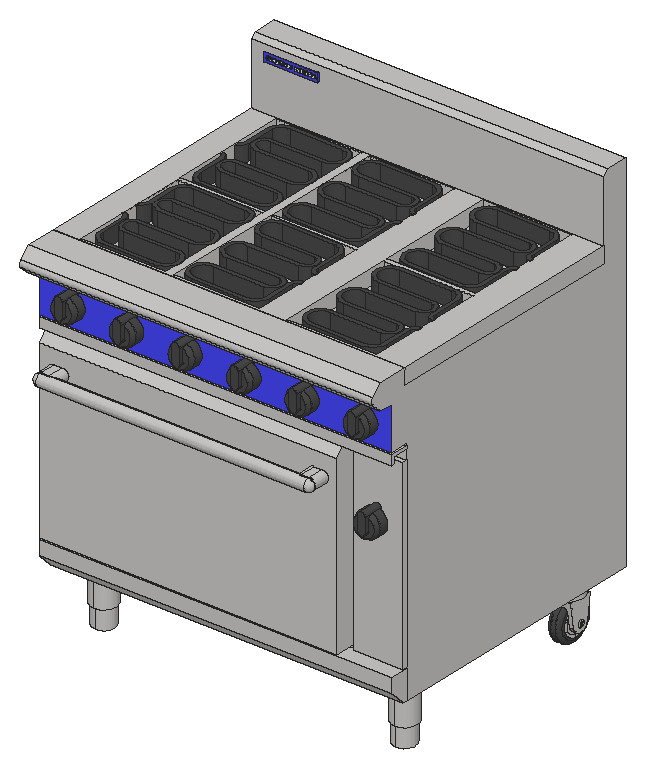
Revit family "QF_MOFFAT_BLUESEAL_CE_E56D", category Specialty Equipment, Revit 2012 (continued)
Definition of nested family "ELECTRIC BURNER 900"
  Forms (mm)
    Extrusion 2, solid, material "QF_Finishes_Black"
      sketch origin (0, 15.7, 0) x (0, -1, 0) y (1, 0, 0)
        loop
          line (569.55, 114.862) -> (569.55, 246.212)
          arc (569.55, 246.212) -> (597.25, 273.912) -> (624.95, 246.212) r 27.7
          line (624.95, 246.212) -> (624.95, 113.612)
          arc (624.95, 113.612) -> (617.855, 94.459) -> (599.304, 85.912) r 26.722
          line (599.304, 85.912) -> (528.096, 85.912)
          arc (528.096, 85.912) -> (511.987, 79.848) -> (503.282, 65) r 25.79
          line (503.282, 65) -> (513.588, 65)
          arc (513.588, 65) -> (519.162, 72.781) -> (528.207, 75.912) r 15.79
          line (528.207, 75.912) -> (599.486, 75.912)
          arc (599.486, 75.912) -> (625.051, 87.513) -> (634.95, 113.784) r 36.722
          line (634.95, 113.784) -> (634.95, 246.212)
          arc (634.95, 246.212) -> (597.25, 283.912) -> (559.55, 246.212) r 37.7
          line (559.55, 246.212) -> (559.55, 113.612)
          arc (559.55, 113.612) -> (541.85, 95.912) -> (524.15, 113.612) r 17.7
          line (524.15, 113.612) -> (524.15, 246.212)
          arc (524.15, 246.212) -> (486.45, 283.912) -> (448.75, 246.212) r 37.7
          line (448.75, 246.212) -> (448.75, 113.612)
          arc (448.75, 113.612) -> (431.05, 95.912) -> (413.35, 113.612) r 17.7
          line (413.35, 113.612) -> (413.35, 246.212)
          arc (413.35, 246.212) -> (375.65, 283.912) -> (337.95, 246.212) r 37.7
          line (337.95, 246.212) -> (337.95, 113.784)
          arc (337.95, 113.784) -> (347.849, 87.513) -> (373.414, 75.912) r 36.722
          line (373.414, 75.912) -> (444.681, 75.912)
          arc (444.681, 75.912) -> (453.49, 72.964) -> (459.168, 65.612) r 15.973
          line (459.168, 65.612) -> (469.581, 65.612)
        loop
          line (156.993, 523.112) -> (146.6, 523.112)
          arc (146.6, 523.112) -> (140.976, 515.752) -> (132.193, 512.812) r 15.79
          line (132.193, 512.812) -> (60.914, 512.812)
          arc (60.914, 512.812) -> (35.349, 501.211) -> (25.45, 474.94) r 36.722
          line (25.45, 474.94) -> (25.45, 342.512)
          arc (25.45, 342.512) -> (63.15, 304.812) -> (100.85, 342.512) r 37.7
          line (100.85, 342.512) -> (100.85, 475.112)
          arc (100.85, 475.112) -> (118.55, 492.812) -> (136.25, 475.112) r 17.7
          line (136.25, 475.112) -> (136.25, 342.512)
          arc (136.25, 342.512) -> (173.95, 304.812) -> (211.65, 342.512) r 37.7
          line (211.65, 342.512) -> (211.65, 475.112)
          arc (211.65, 475.112) -> (229.35, 492.812) -> (247.05, 475.112) r 17.7
          line (247.05, 475.112) -> (247.05, 342.512)
          arc (247.05, 342.512) -> (284.75, 304.812) -> (322.45, 342.512) r 37.7
          line (322.45, 342.512) -> (322.45, 474.94)
          arc (322.45, 474.94) -> (312.551, 501.211) -> (286.986, 512.812) r 36.722
          line (286.986, 512.812) -> (215.719, 512.812)
          arc (215.719, 512.812) -> (206.91, 515.761) -> (201.232, 523.112) r 15.973
          line (201.232, 523.112) -> (190.819, 523.112)
          arc (190.819, 523.112) -> (199.705, 508.688) -> (215.596, 502.812) r 25.973
          line (215.596, 502.812) -> (286.804, 502.812)
          arc (286.804, 502.812) -> (305.355, 494.266) -> (312.45, 475.112) r 26.722
          line (312.45, 475.112) -> (312.45, 342.512)
          arc (312.45, 342.512) -> (284.75, 314.812) -> (257.05, 342.512) r 27.7
          line (257.05, 342.512) -> (257.05, 474.487)
          arc (257.05, 474.487) -> (229.35, 502.187) -> (201.65, 474.487) r 27.7
          line (201.65, 474.487) -> (201.65, 342.512)
          arc (201.65, 342.512) -> (173.95, 314.812) -> (146.25, 342.512) r 27.7
          line (146.25, 342.512) -> (146.25, 474.956)
          arc (146.25, 474.956) -> (118.55, 502.656) -> (90.85, 474.956) r 27.7
          line (90.85, 474.956) -> (90.85, 342.512)
          arc (90.85, 342.512) -> (63.15, 314.812) -> (35.45, 342.512) r 27.7
          line (35.45, 342.512) -> (35.45, 475.112)
          arc (35.45, 475.112) -> (42.545, 494.266) -> (61.096, 502.812) r 26.722
          line (61.096, 502.812) -> (132.304, 502.812)
          arc (132.304, 502.812) -> (148.172, 508.677) -> (156.993, 523.112) r 25.79
        loop
          line (469.581, 523.112) -> (459.168, 523.112)
          arc (459.168, 523.112) -> (453.49, 515.761) -> (444.681, 512.812) r 15.973
          line (444.681, 512.812) -> (373.414, 512.812)
          arc (373.414, 512.812) -> (347.849, 501.211) -> (337.95, 474.94) r 36.722
          line (337.95, 474.94) -> (337.95, 342.512)
          arc (337.95, 342.512) -> (375.65, 304.812) -> (413.35, 342.512) r 37.7
          line (413.35, 342.512) -> (413.35, 475.112)
          arc (413.35, 475.112) -> (431.05, 492.812) -> (448.75, 475.112) r 17.7
          line (448.75, 475.112) -> (448.75, 342.512)
          arc (448.75, 342.512) -> (486.45, 304.812) -> (524.15, 342.512) r 37.7
          line (524.15, 342.512) -> (524.15, 475.112)
          arc (524.15, 475.112) -> (541.85, 492.812) -> (559.55, 475.112) r 17.7
          line (559.55, 475.112) -> (559.55, 342.512)
          arc (559.55, 342.512) -> (597.25, 304.812) -> (634.95, 342.512) r 37.7
          line (634.95, 342.512) -> (634.95, 474.94)
          arc (634.95, 474.94) -> (625.051, 501.211) -> (599.486, 512.812) r 36.722
          line (599.486, 512.812) -> (528.207, 512.812)
          arc (528.207, 512.812) -> (519.162, 515.944) -> (513.588, 523.725) r 15.79
          line (513.588, 523.725) -> (503.282, 523.725)
          arc (503.282, 523.725) -> (511.987, 508.876) -> (528.096, 502.812) r 25.79
          line (528.096, 502.812) -> (599.304, 502.812)
          arc (599.304, 502.812) -> (617.855, 494.266) -> (624.95, 475.112) r 26.722
          line (624.95, 475.112) -> (624.95, 342.512)
          arc (624.95, 342.512) -> (597.25, 314.812) -> (569.55, 342.512) r 27.7
          line (569.55, 342.512) -> (569.55, 473.862)
          arc (569.55, 473.862) -> (541.85, 501.562) -> (514.15, 473.862) r 27.7
          line (514.15, 473.862) -> (514.15, 342.512)
          arc (514.15, 342.512) -> (486.45, 314.812) -> (458.75, 342.512) r 27.7
          line (458.75, 342.512) -> (458.75, 473.862)
          arc (458.75, 473.862) -> (431.05, 501.562) -> (403.35, 473.862) r 27.7
          line (403.35, 473.862) -> (403.35, 342.512)
          arc (403.35, 342.512) -> (375.65, 314.812) -> (347.95, 342.512) r 27.7
          line (347.95, 342.512) -> (347.95, 475.112)
          arc (347.95, 475.112) -> (355.045, 494.266) -> (373.596, 502.812) r 26.722
          line (373.596, 502.812) -> (444.804, 502.812)
          arc (444.804, 502.812) -> (460.695, 508.688) -> (469.581, 523.112) r 25.973
        loop
          line (156.993, 823.112) -> (146.6, 823.112)
          arc (146.6, 823.112) -> (140.976, 815.752) -> (132.193, 812.812) r 15.79
          line (132.193, 812.812) -> (60.914, 812.812)
          arc (60.914, 812.812) -> (35.349, 801.211) -> (25.45, 774.94) r 36.722
          line (25.45, 774.94) -> (25.45, 642.512)
          arc (25.45, 642.512) -> (63.15, 604.812) -> (100.85, 642.512) r 37.7
          line (100.85, 642.512) -> (100.85, 775.112)
          arc (100.85, 775.112) -> (118.55, 792.812) -> (136.25, 775.112) r 17.7
          line (136.25, 775.112) -> (136.25, 642.512)
          arc (136.25, 642.512) -> (173.95, 604.812) -> (211.65, 642.512) r 37.7
          line (211.65, 642.512) -> (211.65, 775.112)
          arc (211.65, 775.112) -> (229.35, 792.812) -> (247.05, 775.112) r 17.7
          line (247.05, 775.112) -> (247.05, 642.512)
          arc (247.05, 642.512) -> (284.75, 604.812) -> (322.45, 642.512) r 37.7
          line (322.45, 642.512) -> (322.45, 774.94)
          arc (322.45, 774.94) -> (312.551, 801.211) -> (286.986, 812.812) r 36.722
          line (286.986, 812.812) -> (215.719, 812.812)
          arc (215.719, 812.812) -> (206.91, 815.761) -> (201.232, 823.112) r 15.973
          line (201.232, 823.112) -> (190.819, 823.112)
          arc (190.819, 823.112) -> (199.705, 808.688) -> (215.596, 802.812) r 25.973
          line (215.596, 802.812) -> (286.804, 802.812)
          arc (286.804, 802.812) -> (305.355, 794.266) -> (312.45, 775.112) r 26.722
          line (312.45, 775.112) -> (312.45, 642.512)
          arc (312.45, 642.512) -> (284.75, 614.812) -> (257.05, 642.512) r 27.7
          line (257.05, 642.512) -> (257.05, 774.487)
          arc (257.05, 774.487) -> (229.35, 802.187) -> (201.65, 774.487) r 27.7
          line (201.65, 774.487) -> (201.65, 642.512)
          arc (201.65, 642.512) -> (173.95, 614.812) -> (146.25, 642.512) r 27.7
          line (146.25, 642.512) -> (146.25, 774.956)
          arc (146.25, 774.956) -> (118.55, 802.656) -> (90.85, 774.956) r 27.7
          line (90.85, 774.956) -> (90.85, 642.512)
          arc (90.85, 642.512) -> (63.15, 614.812) -> (35.45, 642.512) r 27.7
          line (35.45, 642.512) -> (35.45, 775.112)
          arc (35.45, 775.112) -> (42.545, 794.266) -> (61.096, 802.812) r 26.722
          line (61.096, 802.812) -> (132.304, 802.812)
          arc (132.304, 802.812) -> (148.172, 808.677) -> (156.993, 823.112) r 25.79
        loop
          line (469.581, 823.112) -> (459.168, 823.112)
          arc (459.168, 823.112) -> (453.49, 815.761) -> (444.681, 812.812) r 15.973
          line (444.681, 812.812) -> (373.414, 812.812)
          arc (373.414, 812.812) -> (347.849, 801.211) -> (337.95, 774.94) r 36.722
          line (337.95, 774.94) -> (337.95, 642.512)
          arc (337.95, 642.512) -> (375.65, 604.812) -> (413.35, 642.512) r 37.7
          line (413.35, 642.512) -> (413.35, 775.112)
          arc (413.35, 775.112) -> (431.05, 792.812) -> (448.75, 775.112) r 17.7
          line (448.75, 775.112) -> (448.75, 642.512)
          arc (448.75, 642.512) -> (486.45, 604.812) -> (524.15, 642.512) r 37.7
          line (524.15, 642.512) -> (524.15, 775.112)
          arc (524.15, 775.112) -> (541.85, 792.812) -> (559.55, 775.112) r 17.7
          line (559.55, 775.112) -> (559.55, 642.512)
          arc (559.55, 642.512) -> (597.25, 604.812) -> (634.95, 642.512) r 37.7
          line (634.95, 642.512) -> (634.95, 774.94)
          arc (634.95, 774.94) -> (625.051, 801.211) -> (599.486, 812.812) r 36.722
          line (599.486, 812.812) -> (528.207, 812.812)
          arc (528.207, 812.812) -> (519.162, 815.944) -> (513.588, 823.725) r 15.79
          line (513.588, 823.725) -> (503.282, 823.725)
          arc (503.282, 823.725) -> (511.987, 808.876) -> (528.096, 802.812) r 25.79
          line (528.096, 802.812) -> (599.304, 802.812)
          arc (599.304, 802.812) -> (617.855, 794.266) -> (624.95, 775.112) r 26.722
          line (624.95, 775.112) -> (624.95, 642.512)
          arc (624.95, 642.512) -> (597.25, 614.812) -> (569.55, 642.512) r 27.7
          line (569.55, 642.512) -> (569.55, 773.862)
          arc (569.55, 773.862) -> (541.85, 801.562) -> (514.15, 773.862) r 27.7
          line (514.15, 773.862) -> (514.15, 642.512)
          arc (514.15, 642.512) -> (486.45, 614.812) -> (458.75, 642.512) r 27.7
          line (458.75, 642.512) -> (458.75, 773.862)
          arc (458.75, 773.862) -> (431.05, 801.562) -> (403.35, 773.862) r 27.7
          line (403.35, 773.862) -> (403.35, 642.512)
          arc (403.35, 642.512) -> (375.65, 614.812) -> (347.95, 642.512) r 27.7
          line (347.95, 642.512) -> (347.95, 775.112)
          arc (347.95, 775.112) -> (355.045, 794.266) -> (373.596, 802.812) r 26.722
          line (373.596, 802.812) -> (444.804, 802.812)
          arc (444.804, 802.812) -> (460.695, 808.688) -> (469.581, 823.112) r 25.973
      from 0 to 40
  Lines and regions (mm)
    symbolic lines
      curve 1: line (246.212, -75.15, 0) -> (113.769, -75.15, 0)
      curve 2: arc (113.769, -75.15, 0) -> (86.069, -102.85, 0) -> (113.769, -130.55, 0) r 27.7
      curve 3: line (113.769, -130.55, 0) -> (246.212, -130.55, 0)
      curve 4: arc (246.212, -130.55, 0) -> (273.912, -158.25, 0) -> (246.212, -185.95, 0) r 27.7
      curve 5: line (246.212, -185.95, 0) -> (114.237, -185.95, 0)
      curve 6: arc (114.237, -185.95, 0) -> (86.537, -213.65, 0) -> (114.237, -241.35, 0) r 27.7
      curve 7: line (114.237, -241.35, 0) -> (246.212, -241.35, 0)
      curve 8: arc (246.212, -241.35, 0) -> (273.912, -269.05, 0) -> (246.212, -296.75, 0) r 27.7
      curve 9: line (246.212, -296.75, 0) -> (113.612, -296.75, 0)
      curve 10: arc (113.612, -296.75, 0) -> (94.459, -289.655, 0) -> (85.912, -271.104, 0) r 26.722
      curve 11: line (85.912, -271.104, 0) -> (85.912, -199.896, 0)
      curve 12: arc (85.912, -199.896, 0) -> (80.037, -184.005, 0) -> (65.612, -175.119, 0) r 25.973
      curve 13: line (65.612, -175.119, 0) -> (65.612, -185.532, 0)
      curve 14: arc (65.612, -185.532, 0) -> (72.964, -191.21, 0) -> (75.912, -200.019, 0) r 15.973
      curve 15: line (75.912, -200.019, 0) -> (75.912, -271.286, 0)
      curve 16: arc (75.912, -271.286, 0) -> (87.513, -296.851, 0) -> (113.784, -306.75, 0) r 36.722
      curve 17: line (113.784, -306.75, 0) -> (246.212, -306.75, 0)
      curve 18: arc (246.212, -306.75, 0) -> (283.912, -269.05, 0) -> (246.212, -231.35, 0) r 37.7
      curve 19: line (246.212, -231.35, 0) -> (113.612, -231.35, 0)
      curve 20: arc (113.612, -231.35, 0) -> (95.912, -213.65, 0) -> (113.612, -195.95, 0) r 17.7
      curve 21: line (113.612, -195.95, 0) -> (246.212, -195.95, 0)
      curve 22: arc (246.212, -195.95, 0) -> (283.912, -158.25, 0) -> (246.212, -120.55, 0) r 37.7
      curve 23: line (246.212, -120.55, 0) -> (113.612, -120.55, 0)
      curve 24: arc (113.612, -120.55, 0) -> (95.912, -102.85, 0) -> (113.612, -85.15, 0) r 17.7
      curve 25: line (113.612, -85.15, 0) -> (246.212, -85.15, 0)
      curve 26: arc (246.212, -85.15, 0) -> (283.912, -47.45, 0) -> (246.212, -9.75, 0) r 37.7
      curve 27: line (246.212, -9.75, 0) -> (113.784, -9.75, 0)
      curve 28: arc (113.784, -9.75, 0) -> (87.513, -19.649, 0) -> (75.912, -45.214, 0) r 36.722
      curve 29: line (75.912, -45.214, 0) -> (75.912, -116.493, 0)
      curve 30: arc (75.912, -116.493, 0) -> (72.972, -125.276, 0) -> (65.612, -130.9, 0) r 15.79
      curve 31: line (65.612, -130.9, 0) -> (65.612, -141.293, 0)
      curve 32: arc (65.612, -141.293, 0) -> (80.048, -132.472, 0) -> (85.912, -116.604, 0) r 25.79
      curve 33: line (85.912, -116.604, 0) -> (85.912, -45.396, 0)
      curve 34: arc (85.912, -45.396, 0) -> (94.459, -26.845, 0) -> (113.612, -19.75, 0) r 26.722
      curve 35: line (113.612, -19.75, 0) -> (246.212, -19.75, 0)
      curve 36: arc (246.212, -19.75, 0) -> (273.912, -47.45, 0) -> (246.212, -75.15, 0) r 27.7
      curve 37: line (474.956, -75.15, 0) -> (342.512, -75.15, 0)
      curve 38: arc (342.512, -75.15, 0) -> (314.812, -47.45, 0) -> (342.512, -19.75, 0) r 27.7
      curve 39: line (342.512, -19.75, 0) -> (475.112, -19.75, 0)
      curve 40: arc (475.112, -19.75, 0) -> (494.266, -26.845, 0) -> (502.812, -45.396, 0) r 26.722
      curve 41: line (502.812, -45.396, 0) -> (502.812, -116.604, 0)
      curve 42: arc (502.812, -116.604, 0) -> (508.677, -132.472, 0) -> (523.112, -141.293, 0) r 25.79
      curve 43: line (523.112, -141.293, 0) -> (523.112, -130.9, 0)
      curve 44: arc (523.112, -130.9, 0) -> (515.752, -125.276, 0) -> (512.812, -116.493, 0) r 15.79
      curve 45: line (512.812, -116.493, 0) -> (512.812, -45.214, 0)
      curve 46: arc (512.812, -45.214, 0) -> (501.211, -19.649, 0) -> (474.94, -9.75, 0) r 36.722
      curve 47: line (474.94, -9.75, 0) -> (342.512, -9.75, 0)
      curve 48: arc (342.512, -9.75, 0) -> (304.812, -47.45, 0) -> (342.512, -85.15, 0) r 37.7
      curve 49: line (342.512, -85.15, 0) -> (475.112, -85.15, 0)
      curve 50: arc (475.112, -85.15, 0) -> (492.812, -102.85, 0) -> (475.112, -120.55, 0) r 17.7
      curve 51: line (475.112, -120.55, 0) -> (342.512, -120.55, 0)
      curve 52: arc (342.512, -120.55, 0) -> (304.812, -158.25, 0) -> (342.512, -195.95, 0) r 37.7
      curve 53: line (342.512, -195.95, 0) -> (475.112, -195.95, 0)
      curve 54: arc (475.112, -195.95, 0) -> (492.812, -213.65, 0) -> (475.112, -231.35, 0) r 17.7
      curve 55: line (475.112, -231.35, 0) -> (342.512, -231.35, 0)
      curve 56: arc (342.512, -231.35, 0) -> (304.812, -269.05, 0) -> (342.512, -306.75, 0) r 37.7
      curve 57: line (342.512, -306.75, 0) -> (474.94, -306.75, 0)
      curve 58: arc (474.94, -306.75, 0) -> (501.211, -296.851, 0) -> (512.812, -271.286, 0) r 36.722
      curve 59: line (512.812, -271.286, 0) -> (512.812, -200.019, 0)
      curve 60: arc (512.812, -200.019, 0) -> (515.761, -191.21, 0) -> (523.112, -185.532, 0) r 15.973
      curve 61: line (523.112, -185.532, 0) -> (523.112, -175.119, 0)
      curve 62: arc (523.112, -175.119, 0) -> (508.688, -184.005, 0) -> (502.812, -199.896, 0) r 25.973
      curve 63: line (502.812, -199.896, 0) -> (502.812, -271.104, 0)
      curve 64: arc (502.812, -271.104, 0) -> (494.266, -289.655, 0) -> (475.112, -296.75, 0) r 26.722
      curve 65: line (475.112, -296.75, 0) -> (342.512, -296.75, 0)
      curve 66: arc (342.512, -296.75, 0) -> (314.812, -269.05, 0) -> (342.512, -241.35, 0) r 27.7
      curve 67: line (342.512, -241.35, 0) -> (474.487, -241.35, 0)
      curve 68: arc (474.487, -241.35, 0) -> (502.187, -213.65, 0) -> (474.487, -185.95, 0) r 27.7
      curve 69: line (474.487, -185.95, 0) -> (342.512, -185.95, 0)
      curve 70: arc (342.512, -185.95, 0) -> (314.812, -158.25, 0) -> (342.512, -130.55, 0) r 27.7
      curve 71: line (342.512, -130.55, 0) -> (474.956, -130.55, 0)
      curve 72: arc (474.956, -130.55, 0) -> (502.656, -102.85, 0) -> (474.956, -75.15, 0) r 27.7
      curve 73: line (774.956, -75.15, 0) -> (642.512, -75.15, 0)
      curve 74: arc (642.512, -75.15, 0) -> (614.812, -47.45, 0) -> (642.512, -19.75, 0) r 27.7
      curve 75: line (642.512, -19.75, 0) -> (775.112, -19.75, 0)
      curve 76: arc (775.112, -19.75, 0) -> (794.266, -26.845, 0) -> (802.812, -45.396, 0) r 26.722
      curve 77: line (802.812, -45.396, 0) -> (802.812, -116.604, 0)
      curve 78: arc (802.812, -116.604, 0) -> (808.677, -132.472, 0) -> (823.112, -141.293, 0) r 25.79
      curve 79: line (823.112, -141.293, 0) -> (823.112, -130.9, 0)
      curve 80: arc (823.112, -130.9, 0) -> (815.752, -125.276, 0) -> (812.812, -116.493, 0) r 15.79
      curve 81: line (812.812, -116.493, 0) -> (812.812, -45.214, 0)
      curve 82: arc (812.812, -45.214, 0) -> (801.211, -19.649, 0) -> (774.94, -9.75, 0) r 36.722
      curve 83: line (774.94, -9.75, 0) -> (642.512, -9.75, 0)
      curve 84: arc (642.512, -9.75, 0) -> (604.812, -47.45, 0) -> (642.512, -85.15, 0) r 37.7
      curve 85: line (642.512, -85.15, 0) -> (775.112, -85.15, 0)
      curve 86: arc (775.112, -85.15, 0) -> (792.812, -102.85, 0) -> (775.112, -120.55, 0) r 17.7
      curve 87: line (775.112, -120.55, 0) -> (642.512, -120.55, 0)
      curve 88: arc (642.512, -120.55, 0) -> (604.812, -158.25, 0) -> (642.512, -195.95, 0) r 37.7
      curve 89: line (642.512, -195.95, 0) -> (775.112, -195.95, 0)
      curve 90: arc (775.112, -195.95, 0) -> (792.812, -213.65, 0) -> (775.112, -231.35, 0) r 17.7
      curve 91: line (775.112, -231.35, 0) -> (642.512, -231.35, 0)
      curve 92: arc (642.512, -231.35, 0) -> (604.812, -269.05, 0) -> (642.512, -306.75, 0) r 37.7
      curve 93: line (642.512, -306.75, 0) -> (774.94, -306.75, 0)
      curve 94: arc (774.94, -306.75, 0) -> (801.211, -296.851, 0) -> (812.812, -271.286, 0) r 36.722
      curve 95: line (812.812, -271.286, 0) -> (812.812, -200.019, 0)
      curve 96: arc (812.812, -200.019, 0) -> (815.761, -191.21, 0) -> (823.112, -185.532, 0) r 15.973
      curve 97: line (823.112, -185.532, 0) -> (823.112, -175.119, 0)
      curve 98: arc (823.112, -175.119, 0) -> (808.688, -184.005, 0) -> (802.812, -199.896, 0) r 25.973
      curve 99: line (802.812, -199.896, 0) -> (802.812, -271.104, 0)
      curve 100: arc (802.812, -271.104, 0) -> (794.266, -289.655, 0) -> (775.112, -296.75, 0) r 26.722
      curve 101: line (775.112, -296.75, 0) -> (642.512, -296.75, 0)
      curve 102: arc (642.512, -296.75, 0) -> (614.812, -269.05, 0) -> (642.512, -241.35, 0) r 27.7
      curve 103: line (642.512, -241.35, 0) -> (774.487, -241.35, 0)
      curve 104: arc (774.487, -241.35, 0) -> (802.187, -213.65, 0) -> (774.487, -185.95, 0) r 27.7
      curve 105: line (774.487, -185.95, 0) -> (642.512, -185.95, 0)
      curve 106: arc (642.512, -185.95, 0) -> (614.812, -158.25, 0) -> (642.512, -130.55, 0) r 27.7
      curve 107: line (642.512, -130.55, 0) -> (774.956, -130.55, 0)
      curve 108: arc (774.956, -130.55, 0) -> (802.656, -102.85, 0) -> (774.956, -75.15, 0) r 27.7
      curve 109: line (642.512, -397.65, 0) -> (775.112, -397.65, 0)
      curve 110: arc (775.112, -397.65, 0) -> (792.812, -415.35, 0) -> (775.112, -433.05, 0) r 17.7
      curve 111: line (775.112, -433.05, 0) -> (642.512, -433.05, 0)
      curve 112: arc (642.512, -433.05, 0) -> (604.812, -470.75, 0) -> (642.512, -508.45, 0) r 37.7
      curve 113: line (642.512, -508.45, 0) -> (775.112, -508.45, 0)
      curve 114: arc (775.112, -508.45, 0) -> (792.812, -526.15, 0) -> (775.112, -543.85, 0) r 17.7
      curve 115: line (775.112, -543.85, 0) -> (642.512, -543.85, 0)
      curve 116: arc (642.512, -543.85, 0) -> (604.812, -581.55, 0) -> (642.512, -619.25, 0) r 37.7
      curve 117: line (642.512, -619.25, 0) -> (774.94, -619.25, 0)
      curve 118: arc (774.94, -619.25, 0) -> (801.211, -609.351, 0) -> (812.812, -583.786, 0) r 36.722
      curve 119: line (812.812, -583.786, 0) -> (812.812, -512.507, 0)
      curve 120: arc (812.812, -512.507, 0) -> (815.944, -503.462, 0) -> (823.725, -497.888, 0) r 15.79
      curve 121: line (823.725, -497.888, 0) -> (823.725, -487.582, 0)
      curve 122: arc (823.725, -487.582, 0) -> (808.876, -496.287, 0) -> (802.812, -512.396, 0) r 25.79
      curve 123: line (802.812, -512.396, 0) -> (802.812, -583.604, 0)
      curve 124: arc (802.812, -583.604, 0) -> (794.266, -602.155, 0) -> (775.112, -609.25, 0) r 26.722
      curve 125: line (775.112, -609.25, 0) -> (642.512, -609.25, 0)
      curve 126: arc (642.512, -609.25, 0) -> (614.812, -581.55, 0) -> (642.512, -553.85, 0) r 27.7
      curve 127: line (642.512, -553.85, 0) -> (773.862, -553.85, 0)
      curve 128: arc (773.862, -553.85, 0) -> (801.562, -526.15, 0) -> (773.862, -498.45, 0) r 27.7
      curve 129: line (773.862, -498.45, 0) -> (642.512, -498.45, 0)
      curve 130: arc (642.512, -498.45, 0) -> (614.812, -470.75, 0) -> (642.512, -443.05, 0) r 27.7
      curve 131: line (642.512, -443.05, 0) -> (773.862, -443.05, 0)
      curve 132: arc (773.862, -443.05, 0) -> (801.562, -415.35, 0) -> (773.862, -387.65, 0) r 27.7
      curve 133: line (773.862, -387.65, 0) -> (642.512, -387.65, 0)
      curve 134: arc (642.512, -387.65, 0) -> (614.812, -359.95, 0) -> (642.512, -332.25, 0) r 27.7
      curve 135: line (642.512, -332.25, 0) -> (775.112, -332.25, 0)
      curve 136: arc (775.112, -332.25, 0) -> (794.266, -339.345, 0) -> (802.812, -357.896, 0) r 26.722
      curve 137: line (802.812, -357.896, 0) -> (802.812, -429.104, 0)
      curve 138: arc (802.812, -429.104, 0) -> (808.688, -444.995, 0) -> (823.112, -453.881, 0) r 25.973
      curve 139: line (823.112, -453.881, 0) -> (823.112, -443.468, 0)
      curve 140: arc (823.112, -443.468, 0) -> (815.761, -437.79, 0) -> (812.812, -428.981, 0) r 15.973
      curve 141: line (812.812, -428.981, 0) -> (812.812, -357.714, 0)
      curve 142: arc (812.812, -357.714, 0) -> (801.211, -332.149, 0) -> (774.94, -322.25, 0) r 36.722
      curve 143: line (774.94, -322.25, 0) -> (642.512, -322.25, 0)
      curve 144: arc (642.512, -322.25, 0) -> (604.812, -359.95, 0) -> (642.512, -397.65, 0) r 37.7
      curve 145: line (342.512, -397.65, 0) -> (475.112, -397.65, 0)
      curve 146: arc (475.112, -397.65, 0) -> (492.812, -415.35, 0) -> (475.112, -433.05, 0) r 17.7
      curve 147: line (475.112, -433.05, 0) -> (342.512, -433.05, 0)
      curve 148: arc (342.512, -433.05, 0) -> (304.812, -470.75, 0) -> (342.512, -508.45, 0) r 37.7
      curve 149: line (342.512, -508.45, 0) -> (475.112, -508.45, 0)
      curve 150: arc (475.112, -508.45, 0) -> (492.812, -526.15, 0) -> (475.112, -543.85, 0) r 17.7
      curve 151: line (475.112, -543.85, 0) -> (342.512, -543.85, 0)
      curve 152: arc (342.512, -543.85, 0) -> (304.812, -581.55, 0) -> (342.512, -619.25, 0) r 37.7
      curve 153: line (342.512, -619.25, 0) -> (474.94, -619.25, 0)
      curve 154: arc (474.94, -619.25, 0) -> (501.211, -609.351, 0) -> (512.812, -583.786, 0) r 36.722
      curve 155: line (512.812, -583.786, 0) -> (512.812, -512.507, 0)
      curve 156: arc (512.812, -512.507, 0) -> (515.944, -503.462, 0) -> (523.725, -497.888, 0) r 15.79
      curve 157: line (523.725, -497.888, 0) -> (523.725, -487.582, 0)
      curve 158: arc (523.725, -487.582, 0) -> (508.876, -496.287, 0) -> (502.812, -512.396, 0) r 25.79
      curve 159: line (502.812, -512.396, 0) -> (502.812, -583.604, 0)
      curve 160: arc (502.812, -583.604, 0) -> (494.266, -602.155, 0) -> (475.112, -609.25, 0) r 26.722
      curve 161: line (475.112, -609.25, 0) -> (342.512, -609.25, 0)
      curve 162: arc (342.512, -609.25, 0) -> (314.812, -581.55, 0) -> (342.512, -553.85, 0) r 27.7
      curve 163: line (342.512, -553.85, 0) -> (473.862, -553.85, 0)
      curve 164: arc (473.862, -553.85, 0) -> (501.562, -526.15, 0) -> (473.862, -498.45, 0) r 27.7
      curve 165: line (473.862, -498.45, 0) -> (342.512, -498.45, 0)
      curve 166: arc (342.512, -498.45, 0) -> (314.812, -470.75, 0) -> (342.512, -443.05, 0) r 27.7
      curve 167: line (342.512, -443.05, 0) -> (473.862, -443.05, 0)
      curve 168: arc (473.862, -443.05, 0) -> (501.562, -415.35, 0) -> (473.862, -387.65, 0) r 27.7
      curve 169: line (473.862, -387.65, 0) -> (342.512, -387.65, 0)
      curve 170: arc (342.512, -387.65, 0) -> (314.812, -359.95, 0) -> (342.512, -332.25, 0) r 27.7
      curve 171: line (342.512, -332.25, 0) -> (475.112, -332.25, 0)
      curve 172: arc (475.112, -332.25, 0) -> (494.266, -339.345, 0) -> (502.812, -357.896, 0) r 26.722
      curve 173: line (502.812, -357.896, 0) -> (502.812, -429.104, 0)
      curve 174: arc (502.812, -429.104, 0) -> (508.688, -444.995, 0) -> (523.112, -453.881, 0) r 25.973
      curve 175: line (523.112, -453.881, 0) -> (523.112, -443.468, 0)
      curve 176: arc (523.112, -443.468, 0) -> (515.761, -437.79, 0) -> (512.812, -428.981, 0) r 15.973
      curve 177: line (512.812, -428.981, 0) -> (512.812, -357.714, 0)
      curve 178: arc (512.812, -357.714, 0) -> (501.211, -332.149, 0) -> (474.94, -322.25, 0) r 36.722
      curve 179: line (474.94, -322.25, 0) -> (342.512, -322.25, 0)
      curve 180: arc (342.512, -322.25, 0) -> (304.812, -359.95, 0) -> (342.512, -397.65, 0) r 37.7
      curve 181: line (246.212, -387.65, 0) -> (114.862, -387.65, 0)
      curve 182: arc (114.862, -387.65, 0) -> (87.162, -415.35, 0) -> (114.862, -443.05, 0) r 27.7
      curve 183: line (114.862, -443.05, 0) -> (246.212, -443.05, 0)
      curve 184: arc (246.212, -443.05, 0) -> (273.912, -470.75, 0) -> (246.212, -498.45, 0) r 27.7
      curve 185: line (246.212, -498.45, 0) -> (114.862, -498.45, 0)
      curve 186: arc (114.862, -498.45, 0) -> (87.162, -526.15, 0) -> (114.862, -553.85, 0) r 27.7
      curve 187: line (114.862, -553.85, 0) -> (246.212, -553.85, 0)
      curve 188: arc (246.212, -553.85, 0) -> (273.912, -581.55, 0) -> (246.212, -609.25, 0) r 27.7
      curve 189: line (246.212, -609.25, 0) -> (113.612, -609.25, 0)
      curve 190: arc (113.612, -609.25, 0) -> (94.459, -602.155, 0) -> (85.912, -583.604, 0) r 26.722
      curve 191: line (85.912, -583.604, 0) -> (85.912, -512.396, 0)
      curve 192: arc (85.912, -512.396, 0) -> (79.848, -496.287, 0) -> (65, -487.582, 0) r 25.79
      curve 193: line (65, -487.582, 0) -> (65, -497.888, 0)
      curve 194: arc (65, -497.888, 0) -> (72.781, -503.462, 0) -> (75.912, -512.507, 0) r 15.79
      curve 195: line (75.912, -512.507, 0) -> (75.912, -583.786, 0)
      curve 196: arc (75.912, -583.786, 0) -> (87.513, -609.351, 0) -> (113.784, -619.25, 0) r 36.722
      curve 197: line (113.784, -619.25, 0) -> (246.212, -619.25, 0)
      curve 198: arc (246.212, -619.25, 0) -> (283.912, -581.55, 0) -> (246.212, -543.85, 0) r 37.7
      curve 199: line (246.212, -543.85, 0) -> (113.612, -543.85, 0)
      curve 200: arc (113.612, -543.85, 0) -> (95.912, -526.15, 0) -> (113.612, -508.45, 0) r 17.7
      curve 201: line (113.612, -508.45, 0) -> (246.212, -508.45, 0)
      curve 202: arc (246.212, -508.45, 0) -> (283.912, -470.75, 0) -> (246.212, -433.05, 0) r 37.7
      curve 203: line (246.212, -433.05, 0) -> (113.612, -433.05, 0)
      curve 204: arc (113.612, -433.05, 0) -> (95.912, -415.35, 0) -> (113.612, -397.65, 0) r 17.7
      curve 205: line (113.612, -397.65, 0) -> (246.212, -397.65, 0)
      curve 206: arc (246.212, -397.65, 0) -> (283.912, -359.95, 0) -> (246.212, -322.25, 0) r 37.7
      curve 207: line (246.212, -322.25, 0) -> (113.784, -322.25, 0)
      curve 208: arc (113.784, -322.25, 0) -> (87.513, -332.149, 0) -> (75.912, -357.714, 0) r 36.722
      curve 209: line (75.912, -357.714, 0) -> (75.912, -428.981, 0)
      curve 210: arc (75.912, -428.981, 0) -> (72.964, -437.79, 0) -> (65.612, -443.468, 0) r 15.973
      curve 211: line (65.612, -443.468, 0) -> (65.612, -453.881, 0)
      curve 212: arc (65.612, -453.881, 0) -> (80.037, -444.995, 0) -> (85.912, -429.104, 0) r 25.973
      curve 213: line (85.912, -429.104, 0) -> (85.912, -357.896, 0)
      curve 214: arc (85.912, -357.896, 0) -> (94.459, -339.345, 0) -> (113.612, -332.25, 0) r 26.722
      curve 215: line (113.612, -332.25, 0) -> (246.212, -332.25, 0)
      curve 216: arc (246.212, -332.25, 0) -> (273.912, -359.95, 0) -> (246.212, -387.65, 0) r 27.7
      curve 217: line (0, 0, 0) -> (0, -635, 0)
      curve 218: line (0, -635, 0) -> (900, -635, 0)
      curve 219: line (900, -635, 0) -> (900, 0, 0)
      curve 220: line (900, 0, 0) -> (0, 0, 0)
      curve 221: line (65.8, -312.651, 0) -> (65.8, -5, 0)
      curve 222: line (65.8, -5, 0) -> (284.362, -5, 0)
      curve 223: line (284.362, -5, 0) -> (284.362, -312.651, 0)
      curve 224: line (284.362, -312.651, 0) -> (65.8, -312.651, 0)
      curve 225: line (304.362, -312.651, 0) -> (304.362, -5, 0)
      curve 226: line (304.362, -5, 0) -> (523.112, -5, 0)
      curve 227: line (523.112, -5, 0) -> (523.112, -312.651, 0)
      curve 228: line (523.112, -312.651, 0) -> (304.362, -312.651, 0)
      curve 229: line (594.362, -312.651, 0) -> (594.362, -5, 0)
      curve 230: line (594.362, -5, 0) -> (823.112, -5, 0)
      curve 231: line (823.112, -5, 0) -> (823.112, -312.651, 0)
      curve 232: line (823.112, -312.651, 0) -> (594.362, -312.651, 0)
      curve 233: line (823.112, -320.251, 0) -> (823.112, -630, 0)
      curve 234: line (823.112, -630, 0) -> (594.362, -630, 0)
      curve 235: line (594.362, -630, 0) -> (594.362, -320.251, 0)
      curve 236: line (594.362, -320.251, 0) -> (823.112, -320.251, 0)
      curve 237: line (523.112, -320.251, 0) -> (523.112, -630, 0)
      curve 238: line (523.112, -630, 0) -> (304.362, -630, 0)
      curve 239: line (304.362, -630, 0) -> (304.362, -320.251, 0)
      curve 240: line (304.362, -320.251, 0) -> (523.112, -320.251, 0)
      curve 241: line (284.362, -320.251, 0) -> (284.362, -630, 0)
      curve 242: line (284.362, -630, 0) -> (65.8, -630, 0)
      curve 243: line (65.8, -630, 0) -> (65.8, -320.251, 0)
      curve 244: line (65.8, -320.251, 0) -> (284.362, -320.251, 0)
  Dimensions and locks
    equal spacing: plane 3 "LEFT", plane 7 "Center Y", plane 4 "RIGHT"
    "Width": plane 3 "LEFT" to plane 4 "RIGHT"
    equal spacing: plane 5 "FRONT", plane 8 "Center X", plane 1 "BACK"
    "Depth": plane 5 "FRONT" to plane 1 "BACK"
    aligned and locked: level to plane 2
  Automatic sketch dimensions
    plane 1 "BACK" to Extrusion 1 sketch curve = 0 mm
    Extrusion 1 sketch curve to plane 9 = 0 mm  (x2)
    Extrusion 1 sketch curve to plane 3 "LEFT" = 0 mm
    plane 5 "FRONT" to Extrusion 1 sketch curve = 0 mm
    Extrusion 1 sketch curve to plane 4 "RIGHT" = 0 mm
    plane 1 "BACK" to Extrusion 1 sketch curve = 5 mm  (x3)
    plane 8 "Center X" to Extrusion 1 sketch curve = 4.849 mm  (x3)
    Extrusion 1 sketch curve to plane 8 "Center X" = 2.751 mm  (x3)
    Extrusion 1 sketch curve to plane 5 "FRONT" = 5 mm  (x3)
    Extrusion 1 sketch curve to plane 7 "Center Y" = 165.638 mm
    Extrusion 1 sketch curve to Extrusion 1 sketch curve = 0 mm  (x3)
    Extrusion 1 sketch curve to Extrusion 1 sketch curve = 20 mm
    plane 7 "Center Y" to Extrusion 1 sketch curve = 73.112 mm  (x2)
    Extrusion 1 sketch curve to Extrusion 1 sketch curve = 71.25 mm  (x2)
    plane 4 "RIGHT" to Extrusion 1 sketch curve = 76.888 mm
    Extrusion 2 sketch curve to Extrusion 2 sketch curve = 0 mm  (x110)
    plane 1 "BACK" to Extrusion 2 sketch curve = 9.75 mm  (x3)
    Extrusion 2 sketch curve to Extrusion 2 sketch curve = 10 mm  (x6)
    plane 1 "BACK" to Extrusion 2 sketch curve = 45.214 mm  (x3)
    Extrusion 2 sketch curve to Extrusion 2 sketch curve = 0.182 mm  (x12)
    Extrusion 2 sketch curve to Extrusion 2 sketch curve = 26.704 mm  (x11)
    Extrusion 2 sketch curve to Extrusion 2 sketch curve = 27.7 mm  (x20)
    Extrusion 2 sketch curve to Extrusion 2 sketch curve = 17.7 mm  (x12)
    Extrusion 2 sketch curve to Extrusion 2 sketch curve = 4.457 mm  (x3)
    Extrusion 2 sketch curve to Extrusion 2 sketch curve = 0.4 mm  (x5)
    Extrusion 2 sketch curve to Extrusion 2 sketch curve = 0.111 mm  (x6)
    Extrusion 2 sketch curve to Extrusion 2 sketch curve = 14.806 mm  (x3)
    Extrusion 2 sketch curve to Extrusion 2 sketch curve = 10.393 mm  (x3)
    Extrusion 2 sketch curve to Extrusion 2 sketch curve = 33.826 mm  (x3)
    Extrusion 2 sketch curve to Extrusion 2 sketch curve = 10.413 mm  (x6)
    Extrusion 2 sketch curve to Extrusion 2 sketch curve = 14.364 mm  (x3)
    Extrusion 2 sketch curve to Extrusion 2 sketch curve = 0.123 mm  (x6)
    Extrusion 2 sketch curve to Extrusion 2 sketch curve = 14.934 mm  (x4)
    Extrusion 2 sketch curve to Extrusion 2 sketch curve = 0.447 mm  (x5)
    Extrusion 2 sketch curve to Extrusion 2 sketch curve = 1.058 mm  (x7)
    Extrusion 2 sketch curve to plane 8 "Center X" = 4.75 mm  (x3)
    Extrusion 2 sketch curve to plane 8 "Center X" = 40.214 mm  (x3)
    Extrusion 2 sketch curve to Extrusion 2 sketch curve = 4.516 mm  (x3)
    Extrusion 2 sketch curve to Extrusion 2 sketch curve = 33.7 mm  (x3)
    Extrusion 2 sketch curve to Extrusion 2 sketch curve = 10.306 mm  (x3)
    Extrusion 2 sketch curve to Extrusion 2 sketch curve = 14.508 mm  (x3)
    Extrusion 2 sketch curve to Extrusion 2 sketch curve = 15.019 mm
    plane 3 "LEFT" to Extrusion 2 sketch curve = 59.946 mm  (x2)
    plane 3 "LEFT" to Extrusion 2 sketch curve = 60.128 mm  (x2)
    Extrusion 2 sketch curve to Extrusion 2 sketch curve = 4.872 mm
    Extrusion 2 sketch curve to Extrusion 2 sketch curve = 5.484 mm
    Extrusion 2 sketch curve to Extrusion 2 sketch curve = 5.667 mm  (x2)
    Extrusion 2 sketch curve to Extrusion 2 sketch curve = 26.701 mm  (x4)
    Extrusion 2 sketch curve to Extrusion 2 sketch curve = 0.999 mm  (x6)
    Extrusion 2 sketch curve to Extrusion 2 sketch curve = 0.156 mm  (x3)
    Extrusion 2 sketch curve to Extrusion 2 sketch curve = 0.625 mm  (x3)
    Extrusion 2 sketch curve to Extrusion 2 sketch curve = 1.25 mm  (x6)
    Extrusion 2 sketch curve to Extrusion 2 sketch curve = 132.428 mm
    Extrusion 2 sketch curve to Extrusion 2 sketch curve = 132.6 mm
    Extrusion 2 sketch curve to Extrusion 2 sketch curve = 96.3 mm  (x3)
    plane 7 "Center Y" to Extrusion 2 sketch curve = 23.862 mm  (x2)
    plane 7 "Center Y" to Extrusion 2 sketch curve = 24.487 mm
    plane 7 "Center Y" to Extrusion 2 sketch curve = 24.94 mm  (x3)
    plane 7 "Center Y" to Extrusion 2 sketch curve = 24.956 mm
    Extrusion 2 sketch curve to Extrusion 2 sketch curve = 0.172 mm  (x8)
    plane 7 "Center Y" to Extrusion 2 sketch curve = 26.111 mm  (x4)
    Extrusion 2 sketch curve to Extrusion 2 sketch curve = 129.7 mm  (x2)
    plane 4 "RIGHT" to Extrusion 2 sketch curve = 126.138 mm
    plane 4 "RIGHT" to Extrusion 2 sketch curve = 125.513 mm
    Extrusion 2 sketch curve to Extrusion 2 sketch curve = 0.453 mm
    plane 4 "RIGHT" to Extrusion 2 sketch curve = 125.06 mm
    Extrusion 2 sketch curve to Extrusion 2 sketch curve = 1.078 mm
    Extrusion 2 sketch curve to Extrusion 2 sketch curve = 0.016 mm
    curve 4 to curve 22 = 0 mm  (x2)
    curve 8 to curve 18 = 0 mm  (x2)
    curve 10 to curve 16 = 0 mm  (x2)
    curve 12 to curve 14 = 0 mm  (x2)
    curve 26 to curve 36 = 0 mm  (x2)
    curve 28 to curve 34 = 0 mm  (x2)
    curve 30 to curve 32 = 0 mm  (x2)
    plane 3 "LEFT" to curve 14 = 59.946 mm
    plane 3 "LEFT" to curve 32 = 60.128 mm
    curve 12 to curve 14 = 5.667 mm
    curve 30 to curve 32 = 5.484 mm
    curve 30 to curve 30 = 15.784 mm
    plane 8 "Center X" to curve 16 = 46.214 mm
    curve 12 to curve 16 = 15.967 mm
    curve 14 to curve 11 = 10 mm
    curve 29 to curve 32 = 10 mm
    curve 33 to curve 34 = 26.701 mm
    curve 11 to curve 10 = 26.701 mm
    curve 10 to curve 9 = 0.999 mm
    curve 33 to curve 24 = 27.7 mm
    curve 28 to curve 35 = 0.999 mm
    curve 12 to curve 21 = 27.7 mm
    curve 25 to curve 1 = 0.156 mm
    curve 35 to curve 27 = 0.172 mm
    curve 10 to curve 16 = 0.172 mm
    curve 20 to curve 7 = 0.625 mm
    curve 10 to curve 8 = 133.599 mm
    curve 25 to curve 25 = 132.6 mm
    curve 23 to curve 25 = 0 mm
    plane 8 "Center X" to curve 8 = 20.75 mm
    curve 16 to curve 10 = 10 mm
    curve 8 to curve 18 = 27.7 mm
    curve 19 to curve 6 = 17.7 mm
    curve 20 to curve 6 = 0 mm
    curve 12 to curve 20 = 4.516 mm
    curve 12 to curve 14 = 0.447 mm
    curve 14 to curve 12 = 0.123 mm
    curve 4 to curve 4 = 27.7 mm
    curve 12 to curve 32 = 33.826 mm
    curve 32 to curve 31 = 10.393 mm
    curve 30 to curve 33 = 14.296 mm
    curve 23 to curve 2 = 17.7 mm
    curve 24 to curve 2 = 0 mm
    curve 1 to curve 26 = 27.7 mm
    curve 34 to curve 34 = 26.704 mm
    curve 38 to curve 48 = 0 mm  (x2)
    curve 40 to curve 46 = 0 mm  (x2)
    curve 42 to curve 44 = 0 mm  (x2)
    curve 52 to curve 70 = 0 mm  (x2)
    curve 56 to curve 66 = 0 mm  (x2)
    curve 58 to curve 64 = 0 mm  (x2)
    curve 60 to curve 62 = 0 mm  (x2)
    plane 8 "Center X" to curve 66 = 20.75 mm
    curve 8 to curve 66 = 96.3 mm
    curve 36 to curve 37 = 96.3 mm
    curve 53 to curve 56 = 0 mm
    plane 7 "Center Y" to curve 68 = 24.487 mm
    plane 1 "BACK" to curve 47 = 9.75 mm
    plane 7 "Center Y" to curve 47 = 24.94 mm
    plane 7 "Center Y" to curve 58 = 24.94 mm
    plane 7 "Center Y" to curve 72 = 24.956 mm
    curve 67 to curve 54 = 0.625 mm
    curve 71 to curve 51 = 0.156 mm
    curve 47 to curve 39 = 0.172 mm
    curve 57 to curve 65 = 0.172 mm
    plane 7 "Center Y" to curve 58 = 26.111 mm
    plane 7 "Center Y" to curve 40 = 26.111 mm
    curve 40 to curve 40 = 26.701 mm
    curve 53 to curve 62 = 27.7 mm
    curve 40 to curve 46 = 10 mm
    curve 63 to curve 58 = 10 mm
    curve 44 to curve 43 = 10.3 mm
    curve 59 to curve 61 = 10.3 mm
    curve 43 to curve 42 = 5.484 mm
    curve 59 to curve 60 = 15.967 mm
    curve 57 to curve 65 = 10 mm
    curve 64 to curve 58 = 25.464 mm
    curve 65 to curve 56 = 27.7 mm
    curve 55 to curve 68 = 17.7 mm
    curve 68 to curve 54 = 0 mm
    curve 62 to curve 53 = 4.516 mm
    curve 60 to curve 59 = 0.447 mm
    curve 59 to curve 63 = 0.123 mm
    curve 70 to curve 52 = 27.7 mm
    curve 62 to curve 42 = 33.826 mm
    curve 42 to curve 43 = 10.393 mm
    curve 43 to curve 41 = 14.296 mm
    curve 50 to curve 50 = 17.7 mm
    curve 72 to curve 50 = 0 mm
    curve 46 to curve 40 = 26.704 mm
    curve 74 to curve 84 = 0 mm  (x2)
    curve 76 to curve 82 = 0 mm  (x2)
    curve 78 to curve 80 = 0 mm  (x2)
    curve 88 to curve 106 = 0 mm  (x2)
    curve 92 to curve 102 = 0 mm  (x2)
    curve 94 to curve 100 = 0 mm  (x2)
    curve 96 to curve 98 = 0 mm  (x2)
    curve 42 to curve 107 = 113.916 mm
    curve 73 to curve 88 = 0 mm
    curve 103 to curve 89 = 0 mm
    plane 4 "RIGHT" to curve 105 = 125.513 mm
    plane 8 "Center X" to curve 94 = 10.75 mm
    curve 103 to curve 94 = 0.453 mm
    plane 1 "BACK" to curve 82 = 9.75 mm
    plane 4 "RIGHT" to curve 82 = 125.06 mm
    curve 104 to curve 108 = 0.469 mm
    curve 103 to curve 90 = 0.625 mm
    curve 73 to curve 85 = 0.156 mm
    curve 83 to curve 75 = 0.172 mm
    curve 94 to curve 100 = 0.172 mm
    curve 75 to curve 76 = 0.999 mm
    curve 100 to curve 94 = 0.999 mm
    curve 76 to curve 77 = 26.701 mm
    curve 89 to curve 98 = 27.7 mm
    curve 76 to curve 82 = 10 mm
    curve 99 to curve 95 = 10 mm
    curve 80 to curve 78 = 10.3 mm
    curve 95 to curve 96 = 10.3 mm
    curve 79 to curve 78 = 5.484 mm
    curve 97 to curve 98 = 5.667 mm
    curve 93 to curve 102 = 10 mm
    curve 100 to curve 95 = 25.464 mm
    curve 101 to curve 102 = 27.7 mm
    curve 91 to curve 90 = 17.7 mm
    curve 104 to curve 90 = 0 mm
    curve 98 to curve 89 = 4.516 mm
    curve 96 to curve 96 = 0.447 mm
    curve 95 to curve 99 = 0.123 mm
    curve 106 to curve 106 = 27.7 mm
    curve 98 to curve 79 = 33.826 mm
    curve 78 to curve 79 = 10.393 mm
    curve 79 to curve 78 = 14.296 mm
    curve 87 to curve 108 = 17.7 mm
    curve 108 to curve 86 = 0 mm
    curve 76 to curve 75 = 26.704 mm
    curve 112 to curve 130 = 0 mm  (x2)
    curve 116 to curve 126 = 0 mm  (x2)
    curve 118 to curve 124 = 0 mm  (x2)
    curve 120 to curve 122 = 0 mm  (x2)
    curve 134 to curve 144 = 0 mm  (x2)
    curve 136 to curve 142 = 0 mm  (x2)
    curve 138 to curve 140 = 0 mm  (x2)
    curve 144 to curve 92 = 0 mm
    curve 131 to curve 109 = 0 mm
    curve 127 to curve 112 = 0 mm
    plane 4 "RIGHT" to curve 131 = 126.138 mm
    curve 128 to curve 131 = 0 mm
    curve 142 to plane 8 "Center X" = 4.75 mm
    curve 142 to curve 93 = 0 mm
    curve 117 to plane 5 "FRONT" = 15.75 mm
    curve 127 to curve 117 = 1.078 mm
    curve 117 to curve 124 = 0.172 mm
    curve 143 to curve 136 = 0.172 mm
    curve 132 to curve 110 = 1.25 mm
    curve 129 to curve 113 = 1.25 mm
    curve 124 to curve 118 = 0.999 mm
    curve 135 to curve 136 = 0.999 mm
    curve 113 to curve 122 = 27.7 mm
    curve 110 to curve 137 = 27.7 mm
    curve 138 to curve 140 = 10 mm
    curve 122 to curve 120 = 10 mm
    curve 141 to curve 138 = 10.3 mm
    curve 119 to curve 121 = 10.912 mm
    curve 120 to curve 122 = 15.784 mm
    curve 140 to curve 140 = 15.967 mm
    curve 117 to curve 126 = 10 mm
    curve 124 to curve 119 = 25.464 mm
    curve 125 to curve 126 = 27.7 mm
    curve 115 to curve 114 = 17.7 mm
    curve 128 to curve 114 = 0 mm
    curve 120 to curve 113 = 4.457 mm
    curve 120 to curve 120 = 0.4 mm
    curve 119 to curve 123 = 0.111 mm
    curve 129 to curve 112 = 27.7 mm
    curve 121 to curve 139 = 33.7 mm
    curve 138 to curve 139 = 10.413 mm
    curve 139 to curve 137 = 14.364 mm
    curve 111 to curve 132 = 17.7 mm
    curve 132 to curve 110 = 0 mm
    curve 136 to curve 135 = 26.704 mm
    curve 148 to curve 166 = 0 mm  (x2)
    curve 152 to curve 162 = 0 mm  (x2)
    curve 154 to curve 160 = 0 mm  (x2)
    curve 156 to curve 158 = 0 mm  (x2)
    curve 170 to curve 180 = 0 mm  (x2)
    curve 172 to curve 178 = 0 mm  (x2)
    curve 174 to curve 176 = 0 mm  (x2)
    curve 180 to plane 8 "Center X" = 4.75 mm
    curve 180 to curve 56 = 0 mm
    curve 167 to curve 145 = 0 mm
    curve 163 to curve 148 = 0 mm
    plane 7 "Center Y" to curve 167 = 23.862 mm
    plane 7 "Center Y" to curve 163 = 23.862 mm
    plane 7 "Center Y" to curve 154 = 24.94 mm
    curve 178 to curve 57 = 0 mm
    curve 153 to curve 160 = 0.172 mm
    curve 167 to curve 147 = 1.25 mm
    curve 163 to curve 151 = 1.25 mm
    curve 179 to curve 171 = 0.172 mm
    plane 7 "Center Y" to curve 178 = 26.111 mm
    plane 7 "Center Y" to curve 160 = 26.111 mm
    curve 146 to curve 174 = 27.7 mm
    curve 149 to curve 158 = 27.7 mm
    curve 160 to curve 154 = 10 mm
    curve 173 to curve 176 = 10 mm
    curve 176 to curve 175 = 10.3 mm
    curve 155 to curve 156 = 10.912 mm
    curve 155 to curve 158 = 15.784 mm
    curve 175 to curve 174 = 5.667 mm
    curve 152 to plane 5 "FRONT" = 15.75 mm
    curve 153 to curve 161 = 10 mm
    curve 160 to curve 155 = 25.464 mm
    curve 161 to curve 152 = 27.7 mm
    curve 151 to curve 150 = 17.7 mm
    curve 164 to curve 150 = 0 mm
    curve 158 to curve 149 = 4.457 mm
    curve 156 to curve 156 = 0.4 mm
    curve 155 to curve 159 = 0.111 mm
    curve 165 to curve 166 = 27.7 mm
    curve 157 to curve 175 = 33.7 mm
    curve 175 to curve 176 = 10.413 mm
    curve 175 to curve 173 = 14.364 mm
    curve 147 to curve 146 = 17.7 mm
    curve 168 to curve 146 = 0 mm
    curve 172 to curve 171 = 26.704 mm
    curve 184 to curve 202 = 0 mm  (x2)
    curve 188 to curve 198 = 0 mm  (x2)
    curve 190 to curve 196 = 0 mm  (x2)
    curve 192 to curve 194 = 0 mm  (x2)
    curve 206 to curve 216 = 0 mm  (x2)
    curve 208 to curve 214 = 0 mm  (x2)
    curve 210 to curve 212 = 0 mm  (x2)
    plane 3 "LEFT" to curve 212 = 59.946 mm
    plane 3 "LEFT" to curve 194 = 60.128 mm
    curve 192 to curve 193 = 4.872 mm
    curve 210 to curve 210 = 5.667 mm
    curve 192 to curve 195 = 15.784 mm
    curve 210 to curve 210 = 15.967 mm
    curve 209 to curve 213 = 10 mm
    curve 196 to curve 190 = 10 mm
    curve 190 to curve 190 = 26.701 mm
    curve 213 to curve 214 = 26.701 mm
    curve 208 to curve 204 = 0.999 mm
    curve 190 to curve 190 = 0.999 mm
    curve 191 to curve 200 = 27.7 mm
    curve 214 to plane 8 "Center X" = 14.75 mm
    curve 214 to curve 16 = 0.172 mm
    curve 190 to curve 196 = 0.172 mm
    curve 214 to curve 207 = 0.172 mm
    curve 204 to curve 183 = 1.25 mm
    curve 201 to curve 185 = 1.25 mm
    curve 205 to curve 18 = 0 mm
    curve 203 to curve 205 = 0 mm
    curve 199 to curve 201 = 0 mm
    curve 197 to plane 5 "FRONT" = 15.75 mm
    curve 197 to curve 188 = 10 mm
    curve 189 to curve 196 = 25.464 mm
    curve 189 to curve 188 = 27.7 mm
    curve 200 to curve 186 = 17.7 mm
    curve 200 to curve 186 = 0 mm
    curve 192 to curve 200 = 4.457 mm
    curve 192 to curve 194 = 0.4 mm
    curve 194 to curve 191 = 0.111 mm
    curve 184 to curve 202 = 27.7 mm
    curve 193 to curve 212 = 33.7 mm
    curve 212 to curve 211 = 10.413 mm
    curve 210 to curve 213 = 14.364 mm
    curve 203 to curve 204 = 17.7 mm
    curve 204 to curve 182 = 0 mm
    curve 214 to curve 215 = 26.704 mm
    plane 1 "BACK" to curve 220 = 0 mm
    curve 220 to plane 3 "LEFT" = 0 mm
    curve 219 to plane 4 "RIGHT" = 0 mm
    plane 5 "FRONT" to curve 219 = 0 mm
    plane 1 "BACK" to curve 221 = 5 mm
    curve 221 to curve 28 = 10.112 mm
    plane 8 "Center X" to curve 224 = 4.849 mm
    curve 17 to curve 224 = 38.15 mm
    plane 1 "BACK" to curve 226 = 5 mm
    curve 222 to curve 226 = 20 mm
    curve 45 to curve 226 = 10.3 mm
    plane 8 "Center X" to curve 225 = 4.849 mm
    plane 8 "Center X" to curve 232 = 4.849 mm
    curve 232 to curve 92 = 48.15 mm
    curve 94 to curve 232 = 10.3 mm
    plane 1 "BACK" to curve 231 = 5 mm
    curve 234 to plane 5 "FRONT" = 5 mm
    curve 234 to curve 116 = 48.15 mm
    curve 236 to plane 8 "Center X" = 2.751 mm
    curve 236 to curve 231 = 0 mm
    curve 239 to plane 5 "FRONT" = 5 mm
    curve 239 to curve 152 = 38.15 mm
    curve 240 to plane 8 "Center X" = 2.751 mm
    curve 240 to curve 227 = 0 mm
    curve 244 to plane 8 "Center X" = 2.751 mm
    curve 244 to curve 221 = 0 mm
    curve 241 to curve 223 = 0 mm
    curve 242 to plane 5 "FRONT" = 5 mm
